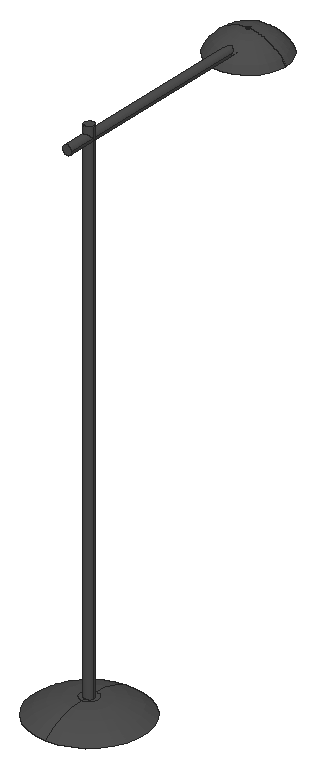
Revit family "M_Abajur de pé - Extensão de braço", category Luminárias, Revit 2019
Family settings
  Cota do conector redondo = Utilizar diâmetro
  Tipo de parte = Normal
  Número OmniClass = 23.80.70.11.11
  Título OmniClass = General Luminaries, Non Directional
  ID de item do Seek = Floor Lamp - Arm Extension-0000-CAN-ENU
  Com base no plano de trabalho = Não
  Sempre na vertical = Sim
  Corte com vazios quando carregada = Não
  Fonte luminosa = Sim
  Compartilhado = Não
  Ponto de cálculo do ambiente = Não
Parameters (values of type "150W - 277V")
  Wattage = 150 W
  built-in parameter 1150110 = 1 (stored number, unit not read)
  built-in parameter 1114217 = 1 (stored number, unit not read)
  built-in parameter 1150109 = 1 (stored number, unit not read)
  built-in parameter 1150134 = 3
  built-in parameter 1150113 = 1 (stored number, unit not read)
  Tilt Angle = 90.00°
  Arquivo de rede fotométrica = "FLAE1T4_B.IES"
  built-in parameter 1150115 = 1 (stored number, unit not read)
  built-in parameter 1150105 = 214.86 (stored number, unit not read)
  Classificação de carga = Iluminação - Unidade de interrupção
  built-in parameter 1150137 = 1
  built-in parameter 1150139 = (empty or 0)
  built-in parameter 1150112 = 1 (stored number, unit not read)
  built-in parameter 1150114 = 1 (stored number, unit not read)
  built-in parameter 1150132 = (empty or 0)
  built-in parameter 1150102 = (empty or 0)
  built-in parameter 1150138 = (empty or 0)
  built-in parameter 1150107 = 3200 (stored number, unit not read)
  built-in parameter 1150106 = 2.1486 (stored number, unit not read)
  built-in parameter 1150104 = 1.6723 (stored number, unit not read)
  Dimming Lamp Color Temperature Shift = (empty or 0)
  Color Filter = 16777215
  Voltagem = 277 V
  Número de pólos = 1
  built-in parameter 1114218 = 1 (stored number, unit not read)
  built-in parameter 1150133 = 10 (stored number, unit not read)
  Código de montagem = "D5020230"
  Lâmpada = "T-4"
  Lumens = 2700 lm
  Material de sombra = Aço, Cromo polido
  Material do suporte = Aço, Cromo polido
  Comentários de voltagem = "150"
  Carga aparente = 150 VA
Types (5, lengths in mm): name | Wattage | Arquivo de rede fotométrica | built-in parameter 1150105 | built-in parameter 1150106 | Voltagem | Lumens | Comentários de voltagem | Carga aparente
  (no name) | 150 W | "FLAE1T4_B.IES" | 214.86 (stored number, unit not read) | 2.1486 (stored number, unit not read) | 277 V | 2700 lm | "150" | 150 VA
  100W - 120V | 100 W | "FLAE1T4_A.IES" | 143.24 (stored number, unit not read) | 1.4324 (stored number, unit not read) | 120 V | 1800 lm | "100" | 100 VA
  100W - 277V | 100 W | "FLAE1T4_A.IES" | 143.24 (stored number, unit not read) | 1.4324 (stored number, unit not read) | 277 V | 1800 lm | "100" | 100 VA
  150W - 120V | 150 W | "FLAE1T4_B.IES" | 214.86 (stored number, unit not read) | 2.1486 (stored number, unit not read) | 120 V | 2700 lm | "150" | 150 VA
  150W - 277V | 150 W | "FLAE1T4_B.IES" | 214.86 (stored number, unit not read) | 2.1486 (stored number, unit not read) | 277 V | 2700 lm | "150" | 150 VA
Reference planes
  plane 1: y = 0
  plane 2: z = 0
  plane 3 "Eixo de origem da luz": x = 0
  plane 4 "Elevação da origem da luz": z = 1422.4
  plane 5 "Eixo de origem da luz": y = 558.8
  plane 6 "Base": z = 44.971
Forms (mm)
  Revolve 1, solid, material "Aço, Cromo polido" <- "Material do suporte"
    sketch origin (0, 0, 0) x (0, 1, 0) y (0, 0, 1)
      loop
        line (2.467, 0) -> (152.4, 0)
        arc (152.4, 0) -> (92.764, 33.396) -> (25.4, 44.971) r 201.812
        line (25.4, 44.971) -> (2.467, 44.971) -> (2.467, 0)
      axis (0, 0) -> (0, 44.971)
    angle from 0 to 360
  Extrusion 2, solid, material "Aço, Cromo polido" <- "Material do suporte"
    sketch origin (0, 0, 0) x (1, 0, 0) y (0, 1, 0)
      loop
        circle (0, 0) r 13.052
    from 44.638 to 1485.9
  Extrusion 3, solid, material "Aço, Cromo polido" <- "Material do suporte"
    sketch origin (0, 0, 0) x (-1, 0, 0) y (0, 0, 1)
      loop
        circle (-0.158, 1454.15) r 12.7
    from -76.2 to 558.8
  Revolve 4, solid, material "Aço, Cromo polido" <- "Material de sombra"
    sketch origin (0, 558.8, 0) x (-1, 0, 0) y (0, 0, 1)
      loop
        line (88.144, 1422.4) -> (104.079, 1422.4)
        arc (104.079, 1422.4) -> (63.857, 1465.99) -> (6.777, 1482.106) r 109.139
        line (6.777, 1482.106) -> (0.635, 1482.106) -> (0.635, 1466.231)
        arc (0.635, 1466.231) -> (50.165, 1455.846) -> (88.144, 1422.4) r 99.299
      axis (-0.158, 1422.4) -> (-0.158, 1482.106)
    angle from 0 to 360
Lines and regions (mm)
  Masking region 1
    outline origin (0, 0, 0) x (1, 0, 0) y (0, 1, 0)
      loop
        circle (0, 558.8) r 101.714
  Masking region 2
    outline origin (0, 0, 44.971) x (-1, 0, 0) y (0, -1, 0)
      loop
        circle (0, 0) r 152.4
  symbolic lines
    curve 1: arc (25.608, 0, 0) -> (0, 25.608, 0) -> (-25.608, 0, 0) r 25.608
    curve 2: arc (-25.608, 0, 0) -> (0, -25.608, 0) -> (25.608, 0, 0) r 25.608
    curve 3: arc (152.4, 0, 44.971) -> (0, 152.4, 44.971) -> (-152.4, 0, 44.971) r 152.4
    curve 5: line (0, -76.332, 0) -> (0, 457.086, 0)
    curve 6: arc (101.714, 558.8, 0) -> (0, 660.514, 0) -> (-101.714, 558.8, 0) r 101.714
    curve 7: arc (-101.714, 558.8, 0) -> (0, 457.086, 0) -> (101.714, 558.8, 0) r 101.714
  symbolic lines, style "LightingFixtures"
    curve 4: arc (-152.4, 0, 44.971) -> (0, -152.4, 44.971) -> (152.4, 0, 44.971) r 152.4
Dimensions and locks
  plane 1 to curve 7 = 558.8 mm
  locked: plane 4 "Elevação da origem da luz" to Extrusion 3 sketch curve at 31.75
  locked: Revolve 4 sketch curve to plane 4 "Elevação da origem da luz" at 49.433
  locked: Revolve 4 sketch curve to plane 4 "Elevação da origem da luz" at 55.339
  locked: plane 4 "Elevação da origem da luz" to Extrusion 2 at 63.5
  plane 2 to plane 4 "Elevação da origem da luz" = 1422.4 mm
  aligned and locked: plane 3 "Eixo de origem da luz" to curve 5
  aligned and locked: Masking region 1 sketch curve to curve 6
  aligned and locked: Masking region 1 sketch curve to curve 7
  aligned and locked: Masking region 2 sketch curve to curve 4
  aligned and locked: plane 3 "Eixo de origem da luz" to imposter light
  aligned and locked: plane 5 "Eixo de origem da luz" to imposter light
  aligned and locked: plane 4 "Elevação da origem da luz" to imposter light
